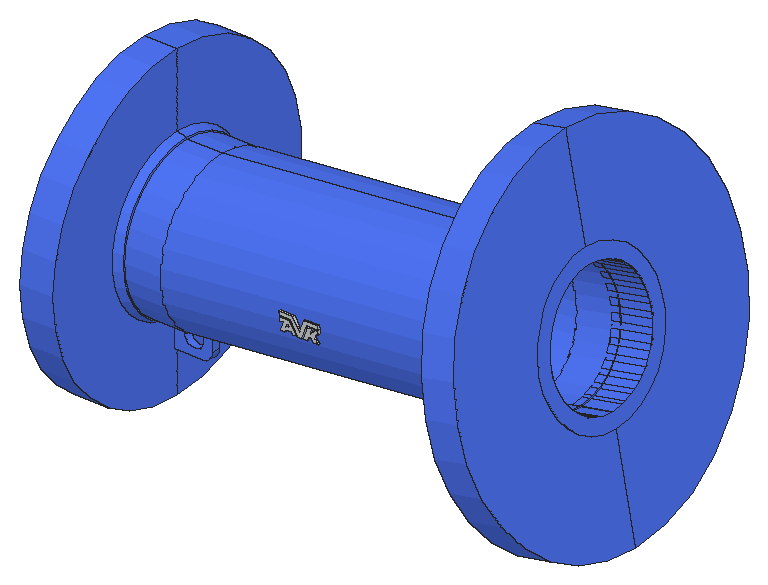
Revit family "712-0120-001-DN65", category Pipe Fittings, Revit 2019
Family settings
  Round Connector Dimension = Use Diameter
  Part Type = Elbow
  Work Plane-Based = No
  Always vertical = Yes
  Cut with Voids When Loaded = No
  Shared = No
Parameters (values of type "DN065_PN10/16")
  Search_Table = ""
  L_Ref = 60 mm
  L = 119 mm  # constant formula
  ID(Radius) = [Nominal Diameter(DN)] / 2  # 32.5 mm
  Flange_thickness = 17 mm  # constant formula
  Nominal Diameter(DN) = 65 mm  # constant formula
  FOD = 92.5 mm  # constant formula
  URL product pages = "https://www.avkvalves.com/P.aspx?no=712006501201"
  Description_ = "AVK FLANGED BEND 11.25° W/LOOSE FLANGES, PN 10/16"
  DN065_PN10/16 = yes
  DN 65_PN10/16 = "712-0065-01-201"
  Body_wallthickness = 15 mm + [Nominal Diameter(DN)]  # 80 mm
  A = 11.25°  # constant formula
Reference planes
  plane 1 "Center (Front/Back)": y = 0
  plane 2: z = 0
  plane 3 "Center (Left/Right)": x = 0
  plane 4: x = 119
  plane 5: through (116.293, -1524, 13.608) normal (0.9808, 0, 0.1951)
  plane 6: through (233.007, -1524, 36.824) normal (0.9808, 0, 0.1951)
  plane 7: through (119, -1524, 0) normal (-0.1951, 0, 0.9808)
  plane 8: x = 37
  plane 9: z = -57.5
  plane 10: z = -52.5
  plane 11: x = 32
Forms (mm)
  Sweep 1, solid, material "Plastic"
    path origin (0, 0, 0) x (1, 0, 0) y (0, 0, -1)
      loop
        line (0, 0) -> (40.207, 0)
        arc (40.207, 0) -> (118.621, -3.852) -> (196.279, -15.372) r 800
        line (196.279, -15.372) -> (235.713, -23.216)
    profile origin (20.103, 0, 0) x (0, 0, 1) y (0, -1, 0)
      loop
        circle (0, 0) r 32.5
      loop
        circle (0, 0) r 40
  Revolve 2, solid, material "Plastic"
    sketch origin (0, 0, 0) x (1, 0, 0) y (0, 0, -1)
      loop
        line (0, 32.5) -> (17, 32.5) -> (17, 80) -> (0, 80) -> (0, 32.5)
      axis (0, 0) -> (17, 0)
    angle from 0 to 360
  Revolve 3, solid, material "Plastic"
    sketch origin (0, 0, 0) x (1, 0, 0) y (0, 0, -1)
      loop
        line (242.054, 8.66) -> (253.759, 67.507) -> (237.086, 70.823) -> (225.381, 11.976) -> (242.054, 8.66)
      axis (219.04, -19.899) -> (235.713, -23.216)
    angle from 0 to 360
  Revolve 4, solid, material "Plastic"
    sketch origin (0, 0, 0) x (1, 0, 0) y (0, 0, -1)
      loop
        line (17, 32.5) -> (21.532, 32.5) -> (21.532, 40.387) -> (17, 42.5) -> (17, 32.5)
      axis (17, 0) -> (21.532, 0)
    angle from 0 to 360
  Revolve 5, solid, material "Plastic"
    sketch origin (0, 0, 0) x (1, 0, 0) y (0, 0, -1)
      loop
        line (225.381, 11.976) -> (227.331, 21.784) -> (222.502, 20.49) -> (220.982, 12.851) -> (225.381, 11.976)
      axis (214.642, -19.024) -> (219.04, -19.899)
    angle from 0 to 360
  Extrusion 6, solid, material "Plastic"
    sketch origin (0, 0, 0) x (1, 0, 0) y (0, 0, 1)
      loop
        line (17, -32.5) -> (17, -57.5) -> (32, -57.5)
        arc (32, -57.5) -> (35.536, -56.036) -> (37, -52.5) r 5
        line (37, -52.5) -> (37, -32.5) -> (17, -32.5)
      loop
        circle (27.52, -48.758) r 5
    from -2.021 to 2.021
Dimensions and locks
  "L": plane 4 to plane 3 "Center (Left/Right)"
  "L": plane 5 to Sweep 1
  "Flange_thickness": Revolve 2 sketch curve to plane 3 "Center (Left/Right)"
  "ID(Radius)": Revolve 3 sketch curve to plane 7
  "FOD": Revolve 3 sketch curve to plane 7
  "Flange_thickness": Sweep 1 to Revolve 3 sketch curve
  locked: Revolve 2 to Revolve 4 sketch curve at 4.532
  locked: Revolve 5 sketch curve to Revolve 3 at 4.484
  locked: plane 7 to Revolve 5 sketch curve at 32.5
  locked: Revolve 5 sketch curve to plane 7 at 42.5
  locked: Revolve 5 sketch curve to plane 7 at 40.289
  locked: Extrusion 6 to Extrusion 6 at 4.043
  "ID(Radius)": radius of Sweep 1 sketch curve
  "Body_wallthickness": diameter of Sweep 1 sketch curve
  "A": angle plane 4 to plane 5
  aligned and locked: level to plane 2
  aligned and locked: Sweep 1 sketch curve to plane 3 "Center (Left/Right)"
  aligned and locked: plane 6 to Sweep 1 sketch curve
  aligned and locked: plane 3 "Center (Left/Right)" to Revolve 2 sketch curve
  aligned and locked: Revolve 2 sketch curve to Sweep 1
  aligned and locked: Revolve 3 sketch curve to Sweep 1
  aligned and locked: plane 7 to Revolve 3 sketch curve
  aligned and locked: Revolve 4 sketch curve to Revolve 2
  aligned and locked: Revolve 5 sketch curve to Revolve 3
  aligned and locked: plane 7 to Revolve 5 sketch curve
  aligned and locked: plane 10 to Extrusion 6 sketch curve
  aligned and locked: plane 8 to Extrusion 6 sketch curve
  aligned and locked: plane 11 to Extrusion 6 sketch curve
Automatic sketch dimensions
  Sweep 1 sketch curve to level = 0 mm
  Sweep 1 sketch curve to plane 7 = 0 mm  (x2)
  Sweep 1 sketch curve to plane 3 "Center (Left/Right)" = 40.207 mm
  Sweep 1 sketch curve to level = 15.372 mm
  Revolve 4 sketch curve to level = 0 mm
  level to Revolve 4 sketch curve = 32.5 mm
  Revolve 4 sketch curve to Revolve 4 sketch curve = 7.887 mm
  Revolve 4 sketch curve to Revolve 4 sketch curve = 2.113 mm
  Revolve 4 sketch curve to plane 3 "Center (Left/Right)" = 12 mm
  Revolve 4 sketch curve to Revolve 4 sketch curve = 15 mm
  Revolve 5 sketch curve to level = 19.024 mm
  Revolve 5 sketch curve to level = 21.431 mm
  Extrusion 6 sketch curve to plane 11 = 4.48 mm
  Extrusion 6 sketch curve to plane 11 = 15 mm
  plane 10 to Extrusion 6 sketch curve = 3.742 mm
  Extrusion 6 sketch curve to Extrusion 6 sketch curve = 16.258 mm
  Sweep 1 sketch curve to Sweep 1 sketch curve = 0 mm  (x2)
  Sweep 1 sketch curve to plane 1 "Center (Front/Back)" = 0 mm
  profile plane to Sweep 1 sketch curve = 0 mm
  Revolve 2 sketch curve to level = 0 mm
  level to Revolve 2 sketch curve = 32.5 mm
  Revolve 2 sketch curve to Revolve 2 sketch curve = 47.5 mm
  Revolve 2 sketch curve to plane 3 "Center (Left/Right)" = 10 mm
  Revolve 3 sketch curve to plane 6 = 0 mm
  Revolve 3 sketch curve to level = 19.899 mm
  radius of Extrusion 6 sketch curve = 5 mm
Nested families
  nested 1: "Latest New 3" at (112.931, -39.679, -1.769) x (0.9999, 0.0113, 0.0014) z (0.0114, -0.992, -0.126), type "Latest New 3"
Connectors
  piping at (235.713, 0, 23.216), diameter 65, driven by "Nominal Diameter(DN)"
    settings: on Revolve 3, index 1, connector inside diameter 609.6 mm, connector length 0 mm, flow factor 0, pipe flow 0.0 L/s, pressure drop 0.0 Pa, fitting loss kfactor 0, connector angle 0.00°, fixture units 0, engagement length 0 mm, angle of deflection 0.00°, flow configuration 0, flow direction 0, fitting loss method 0, system type 7, joint type 0, gender type 0, connector reference index -1, connector utility 0, adjustable connector no, is connector primary yes, connector description ""
  piping at (0, 0, 0), diameter 65, driven by "Nominal Diameter(DN)"
    settings: on Revolve 2, index 2, connector inside diameter 609.6 mm, connector length 0 mm, flow factor 0, pipe flow 0.0 L/s, pressure drop 0.0 Pa, fitting loss kfactor 0, connector angle 0.00°, fixture units 0, engagement length 0 mm, angle of deflection 0.00°, flow configuration 0, flow direction 0, fitting loss method 0, system type 7, joint type 0, gender type 0, connector reference index -1, connector utility 0, adjustable connector no, is connector primary no, connector description ""
Definition of nested family "Latest New 3"
  Parameters
    Default Elevation = 1219.2 mm
  Reference planes
    plane 1 "Center (Front/Back)": y = 0
    plane 2: z = 0
    plane 3 "Center (Left/Right)": x = 0
  Forms (mm)
    Extrusion 1, solid
      sketch origin (0, 0, 0) x (1, 0, 0) y (0, 1, 0)
        loop
          line (-1219.2, 1219.2) -> (-1219.2, -1219.2) -> (1219.2, -1219.2) -> (1219.2, 1219.2) -> (-1219.2, 1219.2)
      from 0 to -304.8
    Extrusion 2, solid
      sketch origin (0, 0, 0) x (1, 0, 0) y (0, 1, 0)
        loop
          line (-2.683, 9.413) -> (-9.884, 9.413) -> (-9.884, 7.46) -> (-4.022, 7.46) -> (-0.985, 0) -> (0.985, 0) -> (4.022, 7.46) -> (9.884, 7.46) -> (9.884, 9.413) -> (2.683, 9.413) -> (0, 2.824) -> (-2.683, 9.413)
        loop
          line (-4.528, 6.707) -> (-9.884, 6.707) -> (-9.884, 4.824) -> (-8.032, 4.824) -> (-9.884, 0) -> (-7.792, 0) -> (-7.394, 1.035) -> (-4.328, 1.035) -> (-3.907, 0) -> (-1.798, 0) -> (-4.528, 6.707)
        loop
          line (-6.91, 2.824) -> (-5.056, 2.824) -> (-6.01, 5.167) -> (-6.91, 2.824)
        loop
          line (1.798, 0) -> (3.907, 0) -> (4.98, 2.637) -> (6.968, 0) -> (9.413, 0) -> (7.166, 2.983)
          arc (7.166, 2.983) -> (8.216, 3.774) -> (9.007, 4.824) r 4.724
          line (9.007, 4.824) -> (9.884, 4.824) -> (9.884, 6.707) -> (8.001, 6.707)
          arc (8.001, 6.707) -> (7.315, 5.008) -> (5.642, 4.261) r 2.448
          line (5.642, 4.261) -> (6.637, 6.707) -> (4.528, 6.707) -> (1.798, 0)
      from 0 to 1
  Dimensions and locks
    aligned and locked: plane 2 to Extrusion 1
    aligned and locked: level to Extrusion 1
    aligned and locked: Extrusion 2 sketch curve to import instance  (x30)
